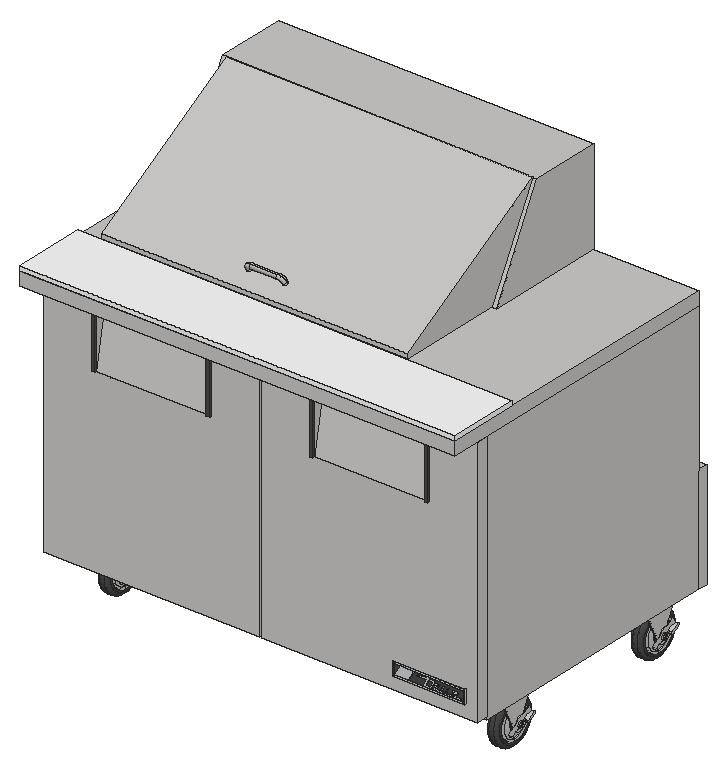
Revit family "QF_TRUE_TSSU-48-15M-B-HC_cat", category Specialty Equipment, Revit 2016
Family settings
  Part Type = Normal
  Round Connector Dimension = Use Diameter
  Work Plane-Based = No
  Always vertical = Yes
  Cut with Voids When Loaded = No
  Shared = No
  Room Calculation Point = No
Parameters
  Weight in Pounds = 310
  Watts = if(Phase = 3, Volts * FL Amps * 1.73, Volts * FL Amps)  # 667 W
  Volts = 115 V
  URL Cutsheet = ""
  Specification by User = ""
  Specification by Manufacturer = ""
  Show 6 Inches Seismic Flanged Legs [instance] = no
  Show Logo [instance] = yes
  Show Default Castors [instance] = if(Show 6 Inches Standard Legs, or(Show 6 Inches Seismic Flanged Legs, Show 2.5 Inches Castors), if(Show 2.5 Inches Castors, Show 6 Inches Seismic Flanged Legs, not(or(Show 6 Inches Seismic Flanged Legs, Show 2.5 Inches Castors, Show 6 Inches Standard Legs))))  # yes
  Show Clearance [instance] = yes
  Show 6 Inches Standard Legs [instance] = no
  Show 2.5 Inches Castors [instance] = no
  Serial Number = ""
  Seismic Rating = ""
  SMACNA No = ""
  Revision Code = ""
  Phase = 1
  Number of Poles = 1
  NAFEM Spec ID Number = ""
  Model = "TSSU-48-15M-B-HC"
  Min Ckt Ampacity = 0 A
  Max Overcurrent Protection = 0 A
  Masterspec = ""
  Manufacturer = "TRUE"
  Length = 48 5/16"
  Item Number = ""
  Installed By = ""
  Identify Quantity as Lot = yes
  Height [instance] = Base Height + Body Height  # 46 15/32"
  HP = "1/3"
  Furnished By = ""
  Foodservice Equipment Identifier = yes
  FL Amps = 5.8 A
  Electrical Remarks = ""
  Electric Connection Type = ""
  Elec Conn RI Height = 0"
  Elec Conn Connection Height = 0"
  Description = "MEGA-TOP SOLID DOOR SANDWICH/SALAD UNIT WITH HYDROCARBON REFRIGERANT"
  Depth = 34 1/16"
  Cycle = 60 Hz
  Conn Plug = "NEMA 5-15P"
  Conn Conduit = yes
  CSI MasterFormat = ""
  Body Height [instance] = 40 9/32"
  Base Height [instance] = if(Show Default Castors, 6 3/16", if(Show 6 Inches Standard Legs, 6", if(Show 6 Inches Seismic Flanged Legs, 6", if(Show 2.5 Inches Castors, 2 1/2", 6 3/16"))))  # 6 3/16"
  Apparent Power = if(Phase = 3, Volts * FL Amps * 1.73, Volts * FL Amps)  # 667 VA
  6 Inches Standard Legs [instance] = and(Show 6 Inches Standard Legs, not(Show Default Castors))  # no
  6 Inches Seismic Flanged Legs [instance] = and(Show 6 Inches Seismic Flanged Legs, not(Show Default Castors))  # no
  2.5 Inches Castors [instance] = and(Show 2.5 Inches Castors, not(Show Default Castors))  # no
Reference planes (in)
  plane 1 "BACK": y = 0
  plane 2: z = 0
  plane 3 "LEFT": x = 0
  plane 4 "RIGHT": x = 48.3125
  plane 5 "FRONT": y = -34.0625
  plane 6 "TOP": z = 46.46875
  plane 7 "Center Y": x = 24.15625
  plane 8 "Center X": y = -17.03125
  plane 9: y = -51.53125
  plane 10: z = 6.1875
Dimensions and locks (in)
  equal spacing: plane 3 "LEFT", plane 7 "Center Y", plane 4 "RIGHT"
  "Length": plane 3 "LEFT" to plane 4 "RIGHT"
  equal spacing: plane 5 "FRONT", plane 8 "Center X", plane 1 "BACK"
  "Depth": plane 5 "FRONT" to plane 1 "BACK"
  "Base Height": plane 10 to level
  plane 3 "LEFT" to plane 4 "RIGHT" = 48 5/16"
  plane 9 to plane 5 "FRONT" = 17 15/32"  (x2)
  plane 9 to plane 1 "BACK" = 51 17/32"
  "Body Height": plane 6 "TOP" to plane 10
  plane 6 "TOP" to level = 46 15/32"  (x2)
  aligned and locked: level to plane 2
  aligned and locked: nested 5 to plane 10
Nested families (in)
  nested 1: "CASTORS" at (2.5, -4.5, 0), Show 6" Casters <- "Show Default Castors", Show Seismic flanged legs <- "6 Inches Seismic Flanged Legs", Show Standard Legs <- "6 Inches Standard Legs", Show 2.5" Casters <- "2.5 Inches Castors", type "CASTORS"
    with Type Mark "", Status "", Specification by User "", Show Standard Legs no, Show Seismic flanged legs no, Show 6" Casters yes, Show 2.5" Casters no, Revision Code "", Key Locks yes, Item Number "", Installed By "", Identify Quantity as Lot yes, Furnished By "", Foodservice Equipment Identifier yes
  nested 2: "CASTORS" at (45.8125, -4.5, 0), Show 6" Casters <- "Show Default Castors", Show Seismic flanged legs <- "6 Inches Seismic Flanged Legs", Show Standard Legs <- "6 Inches Standard Legs", Show 2.5" Casters <- "2.5 Inches Castors", type "CASTORS"
    with Type Mark "", Status "", Specification by User "", Show Standard Legs no, Show Seismic flanged legs no, Show 6" Casters yes, Show 2.5" Casters no, Revision Code "", Key Locks yes, Item Number "", Installed By "", Identify Quantity as Lot yes, Furnished By "", Foodservice Equipment Identifier yes
  nested 3: "CASTORS" at (45.8125, -24.5, 0), Show 6" Casters <- "Show Default Castors", Show Seismic flanged legs <- "6 Inches Seismic Flanged Legs", Show Standard Legs <- "6 Inches Standard Legs", Show 2.5" Casters <- "2.5 Inches Castors", type "CASTORS"
    with Type Mark "", Status "", Specification by User "", Show Standard Legs no, Show Seismic flanged legs no, Show 6" Casters yes, Show 2.5" Casters no, Revision Code "", Key Locks yes, Item Number "", Installed By "", Identify Quantity as Lot yes, Furnished By "", Foodservice Equipment Identifier yes
  nested 4: "CASTORS" at (2.5, -24.5, 0), Show 6" Casters <- "Show Default Castors", Show Seismic flanged legs <- "6 Inches Seismic Flanged Legs", Show Standard Legs <- "6 Inches Standard Legs", Show 2.5" Casters <- "2.5 Inches Castors", type "CASTORS"
    with Type Mark "", Status "", Specification by User "", Show Standard Legs no, Show Seismic flanged legs no, Show 6" Casters yes, Show 2.5" Casters no, Revision Code "", Key Locks yes, Item Number "", Installed By "", Identify Quantity as Lot yes, Furnished By "", Foodservice Equipment Identifier yes
  nested 5: "TSSU-48-15M-B-HC" at (0, 0, 0), Show Logo <- "Show Logo", Show Clearance <- "Show Clearance", type "TSSU-48-15M-B-HC"
    with Show Logo yes, Show Clearance yes
Definition of nested family "CASTORS"
  Parameters (values of type "CASTORS")
    Weight = ""
    URL Manufacturer = ""
    URL Cutsheet = ""
    URL = ""
    Type Mark [instance] = ""
    Status [instance] = ""
    Specification by User [instance] = ""
    Specification by Manufacturer = ""
    Show Standard Legs [instance] = yes
    Show Seismic flanged legs [instance] = yes
    Show 6" Casters [instance] = yes
    Show 2.5" Casters [instance] = yes
    Serial Number = ""
    Seismic Rating = ""
    SMACNA No = ""
    Revision Code [instance] = ""
    Omniclass Number and Title = ""
    NAFEM Spec ID Number = ""
    Model = ""
    MasterSpec. = ""
    Manufacturer = ""
    Key Locks [instance] = yes
    Item Number [instance] = ""
    Installed By [instance] = ""
    Identify Quantity as Lot [instance] = yes
    Furnished By [instance] = ""
    Foodservice Equipment Identifier [instance] = yes
    Description = ""
    CSI MasterFormat = ""
    CSI Master Format = ""
    Assembly Code = ""
  Reference planes (in)
    plane 1: z = 0
    plane 2 "RIGHT": x = 0
    plane 3 "FRONT": y = 0
    plane 4 "TOP": z = 6
    plane 5: z = 6.1875
  Forms (in)
    Revolve 1, solid, visible <- "Show 6" Casters"
      sketch origin (0, 2.21793, 0) x (0, 1, 0) y (0, 0, 1)
        loop
          line (-2.21793, 6.1875) -> (-2.21793, 5.55584) -> (-0.93693, 5.55584) -> (-0.93693, 6.1875) -> (-2.21793, 6.1875)
        axis (-2.21793, 5.55584) -> (-2.21793, 6.1875)
      angle from 0 to 360
    Extrusion 2, solid, visible <- "Show 6" Casters"
      sketch origin (-1.81294, 2.21793, 0) x (0, 1, 0) y (0, 0, 1)
        loop
          line (-3.37793, 5.55584) -> (-3.37793, 5.25584) -> (-3.23369, 5.25584)
          arc (-3.23369, 5.25584) -> (-3.1238, 5.20977) -> (-3.03725, 5.12786) r 0.33195
          line (-3.03725, 5.12786) -> (-1.55521, 1.94961)
          arc (-1.55521, 1.94961) -> (-0.54268, 1.81523) -> (-0.22336, 2.78544) r 0.8
          arc (-0.22336, 2.78544) -> (-0.27816, 2.89808) -> (-0.34988, 3.00079) r 0.8
          arc (-0.34988, 3.00079) -> (-0.37005, 3.3613) -> (-0.26088, 3.70547) r 1
          line (-0.26088, 3.70547) -> (0.31507, 4.78867)
          arc (0.31507, 4.78867) -> (-0.09241, 4.97284) -> (-0.5252, 5.08531) r 2.63
          line (-0.5252, 5.08531) -> (-0.54193, 5.25584) -> (-1.05793, 5.25584) -> (-1.05793, 5.55584) -> (-3.37793, 5.55584)
      from 0.78968 to 0.90247
    Extrusion 3, solid, visible <- "Show 6" Casters"
      sketch origin (0.13094, 2.21793, 0) x (0, 1, 0) y (0, 0, 1)
        loop
          line (-3.37793, 5.55584) -> (-3.37793, 5.25584) -> (-3.23369, 5.25584)
          arc (-3.23369, 5.25584) -> (-3.1238, 5.20977) -> (-3.03725, 5.12786) r 0.33195
          line (-3.03725, 5.12786) -> (-1.55521, 1.94961)
          arc (-1.55521, 1.94961) -> (-0.54268, 1.81523) -> (-0.22336, 2.78544) r 0.8
          arc (-0.22336, 2.78544) -> (-0.27816, 2.89808) -> (-0.34988, 3.00079) r 0.8
          arc (-0.34988, 3.00079) -> (-0.37005, 3.3613) -> (-0.26088, 3.70547) r 1
          line (-0.26088, 3.70547) -> (0.31507, 4.78867)
          arc (0.31507, 4.78867) -> (-0.09241, 4.97284) -> (-0.5252, 5.08531) r 2.63
          line (-0.5252, 5.08531) -> (-0.54193, 5.25584) -> (-1.05793, 5.25584) -> (-1.05793, 5.55584) -> (-3.37793, 5.55584)
      from 0.78968 to 0.90247
    Extrusion 4, solid, visible <- "Show 6" Casters"
      sketch origin (-1.93794, 2.21793, 0) x (0, 1, 0) y (0, 0, 1)
        loop
          line (-3.37793, 5.55584) -> (-3.37793, 5.25584) -> (-3.23369, 5.25584) -> (-0.7432, 5.03796) -> (0.2811, 4.72479) -> (0.31507, 4.78867)
          arc (0.31507, 4.78867) -> (-0.09241, 4.97284) -> (-0.5252, 5.08531) r 2.63
          line (-0.5252, 5.08531) -> (-0.54193, 5.25584) -> (-1.05793, 5.25584) -> (-1.05793, 5.55584) -> (-3.37793, 5.55584)
      from 1.02747 to 2.85669
    Revolve 5, solid, visible <- "Show 6" Casters"
      sketch origin (-1.93794, 1.21343, 0) x (1, 0, 0) y (0, 0, 1)
        loop
          line (0.5843, 2.5041) -> (3.2907, 2.5041) -> (3.2907, 2.6421) -> (3.2407, 2.6921) -> (3.1807, 2.6921) -> (3.1807, 2.8278) -> (2.7025, 2.8278) -> (2.7025, 3.22009) -> (2.5625, 3.30092) -> (2.42847, 4.1291) -> (2.59375, 4.1291) -> (2.59375, 4.3791) -> (2.5625, 4.3791) -> (2.5625, 4.6291)
          arc (2.5625, 4.6291) -> (2.45267, 4.89426) -> (2.1875, 5.0041) r 0.375
          line (2.1875, 5.0041) -> (1.6875, 5.0041)
          arc (1.6875, 5.0041) -> (1.42233, 4.89426) -> (1.3125, 4.6291) r 0.375
          line (1.3125, 4.6291) -> (1.3125, 4.3791) -> (1.28125, 4.3791) -> (1.28125, 4.1291) -> (1.44653, 4.1291) -> (1.31307, 3.30443) -> (1.1725, 3.22327) -> (1.1725, 2.8278) -> (0.6943, 2.8278) -> (0.6943, 2.6921) -> (0.6343, 2.6921) -> (0.5843, 2.6421) -> (0.5843, 2.5041)
        axis (0.5843, 2.5041) -> (3.2907, 2.5041)
      angle from 0 to 360
    Extrusion 6, solid, visible <- "Show 6" Casters"
      sketch origin (1.125, 2.28164, 0.06473) x (0, 1, 0) y (0, 0, 1)
        loop
          line (-2.58496, 2.03961) -> (-2.48146, 1.86034)
          arc (-2.48146, 1.86034) -> (-2.2914, 1.71451) -> (-2.05389, 1.74578) r 0.313
          line (-2.05389, 1.74578) -> (-1.65224, 1.97767)
          arc (-1.65224, 1.97767) -> (-1.57675, 2.00894) -> (-1.49574, 2.01961) r 0.313
          line (-1.49574, 2.01961) -> (-0.75504, 2.01961)
          arc (-0.75504, 2.01961) -> (-0.50047, 2.10967) -> (-0.33862, 2.32583) r 0.46592
          arc (-0.33862, 2.32583) -> (-0.3435, 2.357) -> (-0.36609, 2.37904) r 0.05
          arc (-0.36609, 2.37904) -> (-0.62217, 2.51108) -> (-0.52795, 2.78336) r 0.22
          line (-0.52795, 2.78336) -> (0.14284, 3.17074)
          arc (0.14284, 3.17074) -> (0.24081, 3.14321) -> (0.21087, 3.04595) r 0.07109
          line (0.21087, 3.04595) -> (0.3415, 2.91533)
          arc (0.3415, 2.91533) -> (0.46473, 3.10362) -> (0.42979, 3.32592) r 0.313
          line (0.42979, 3.32592) -> (0.23309, 3.66661) -> (-0.54633, 3.21661)
          arc (-0.54633, 3.21661) -> (-0.67098, 3.20163) -> (-0.79652, 3.20306) r 0.9589
          arc (-0.79652, 3.20306) -> (-1.13602, 3.13035) -> (-1.38688, 2.89031) r 0.63657
          arc (-1.38688, 2.89031) -> (-1.45411, 2.76529) -> (-1.53273, 2.64711) r 1.51617
          line (-1.53273, 2.64711) -> (-1.89213, 2.43961) -> (-2.58496, 2.03961)
      from 0 to 0.0625
    Extrusion 7, solid, visible <- "Show 6" Casters"
      sketch origin (1.125, 2.28164, 0.06473) x (0, 1, 0) y (0, 0, 1)
        loop
          arc (-0.45692, 2.6604) -> (-0.48136, 2.54745) -> (-0.36656, 2.53415) r 0.078
          line (-0.36656, 2.53415) -> (0.3415, 2.91533)
          arc (0.3415, 2.91533) -> (0.44304, 3.03852) -> (0.47061, 3.19578) r 0.313
          line (0.47061, 3.19578) -> (-0.45692, 2.6604)
      from 0 to 0.5
    Extrusion 8, solid, visible <- "Show 6" Casters"
      sketch origin (-1.125, 2.28164, 0.06473) x (0, 1, 0) y (0, 0, -1)
        loop
          line (-2.58496, -2.03961) -> (-1.89213, -2.43961) -> (-1.53273, -2.64711)
          arc (-1.53273, -2.64711) -> (-1.45411, -2.76529) -> (-1.38688, -2.89031) r 1.51617
          arc (-1.38688, -2.89031) -> (-1.13602, -3.13035) -> (-0.79652, -3.20306) r 0.63657
          arc (-0.79652, -3.20306) -> (-0.67098, -3.20163) -> (-0.54633, -3.21661) r 0.9589
          line (-0.54633, -3.21661) -> (0.23309, -3.66661) -> (0.42979, -3.32592)
          arc (0.42979, -3.32592) -> (0.46473, -3.10362) -> (0.3415, -2.91533) r 0.313
          line (0.3415, -2.91533) -> (0.21087, -3.04595)
          arc (0.21087, -3.04595) -> (0.24081, -3.14321) -> (0.14284, -3.17074) r 0.07109
          line (0.14284, -3.17074) -> (-0.52795, -2.78336)
          arc (-0.52795, -2.78336) -> (-0.62217, -2.51108) -> (-0.36609, -2.37904) r 0.22
          arc (-0.36609, -2.37904) -> (-0.3435, -2.357) -> (-0.33862, -2.32583) r 0.05
          arc (-0.33862, -2.32583) -> (-0.50047, -2.10967) -> (-0.75504, -2.01961) r 0.46592
          line (-0.75504, -2.01961) -> (-1.49574, -2.01961)
          arc (-1.49574, -2.01961) -> (-1.57675, -2.00894) -> (-1.65224, -1.97767) r 0.313
          line (-1.65224, -1.97767) -> (-2.05389, -1.74578)
          arc (-2.05389, -1.74578) -> (-2.2914, -1.71451) -> (-2.48146, -1.86034) r 0.313
          line (-2.48146, -1.86034) -> (-2.58496, -2.03961)
      from 0 to 0.0625
    Extrusion 9, solid, visible <- "Show 6" Casters"
      sketch origin (-1.125, 2.28164, 0.06473) x (0, 1, 0) y (0, 0, -1)
        loop
          line (-0.45692, -2.6604) -> (0.47061, -3.19578)
          arc (0.47061, -3.19578) -> (0.44304, -3.03852) -> (0.3415, -2.91533) r 0.313
          line (0.3415, -2.91533) -> (-0.36656, -2.53415)
          arc (-0.36656, -2.53415) -> (-0.48136, -2.54745) -> (-0.45692, -2.6604) r 0.078
      from 0 to 0.5
    Revolve 10, solid, visible <- "Show Standard Legs"
      sketch origin (11.12172, 0, 0) x (-1, 0, 0) y (0, 0, -1)
        loop
          line (11.12172, -6.125) -> (11.12172, 0) -> (10.62172, 0) -> (10.62172, -1.30261) -> (10.37172, -1.30261) -> (10.37172, -6.125) -> (11.12172, -6.125)
        axis (11.12172, 0) -> (11.12172, -6.125)
      angle from 0 to 360
    Extrusion 11, solid, visible <- "Show Seismic flanged legs"
      sketch origin (0, 0, 0) x (1, 0, 0) y (0, 1, 0)
        loop
          circle (-0.00825, 0) r 1
      from 0 to 0.125
    Revolve 12, solid, visible <- "Show Seismic flanged legs"
      sketch origin (11.12172, 0, 0) x (-1, 0, 0) y (0, 0, -1)
        loop
          line (11.12172, -6.125) -> (11.12172, -0.125) -> (10.62172, -0.125) -> (10.62172, -1.30261) -> (10.37172, -1.30261) -> (10.37172, -6.125) -> (11.12172, -6.125)
        axis (11.12172, -0.125) -> (11.12172, -6.125)
      angle from 0 to 360
    Revolve 13, solid, visible <- "Show Standard Legs"
      sketch origin (-2.21793, 0, 0.25) x (-1, 0, 0) y (0, 0, 1)
        loop
          line (-2.21793, 5.875) -> (-2.21793, 5.55584) -> (-0.93693, 5.55584) -> (-0.93693, 5.875) -> (-2.21793, 5.875)
        axis (-2.21793, 5.55584) -> (-2.21793, 5.875)
      angle from 0 to 360
  Cuts and joins
    joined: Extrusion 2, Extrusion 3, Extrusion 4
  Lines and regions (in)
    symbolic lines, visible <- "Show 6" Casters"
      curve 1: line (0.70901, 2.6399, 0) -> (1.79507, 2.01286, 0)
      curve 2: line (-1.79099, -1.69023, 0) -> (-0.91599, -0.17468, 0)
      curve 3: line (-0.70493, -2.31727, 0) -> (-1.79099, -1.69023, 0)
      curve 4: line (1.79507, 2.01286, 0) -> (0.92007, 0.49732, 0)
      curve 5: line (-0.16599, 1.12436, 0) -> (0.70901, 2.6399, 0)
      curve 6: line (0.17007, -0.80172, 0) -> (-0.70493, -2.31727, 0)
  Dimensions and locks (in)
    plane 4 "TOP" to level = 6"  (x2)
    Revolve 5 sketch curve to Revolve 5 sketch curve = 2 1/2"
    plane 5 to level = 6 3/16"
    locked: Revolve 10 sketch curve to Revolve 10 sketch curve at 1.30261
    locked: Revolve 10 sketch curve to Revolve 10 sketch curve at 0.75
    locked: Revolve 12 sketch curve to Revolve 12 sketch curve at 0.75
    aligned and locked: level to plane 1
  Nested families (in)
    nested 1: "2.5 INCHES_CASTER" at (0, 0, 0), visible <- "Show 2.5" Casters", type "2.5 INCHES_CASTER"
      with Type Mark "", Specification by User "", Revision Code "", Item Number "", Installed By "", Identify Quantity as Lot yes, Furnished By "", Foodservice Equipment Identifier yes, 2.5 Inches Caster yes
  Definition of nested family "2.5 INCHES_CASTER"
    Parameters (values of type "2.5 INCHES_CASTER")
      Weight = ""
      URL Manufacturer = ""
      URL Cutsheet = ""
      URL = ""
      Type Mark [instance] = ""
      Specification by User [instance] = ""
      Specification by Manufacturer = ""
      Serial Number = ""
      Seismic Rating = ""
      SMACNA No = ""
      Revision Code [instance] = ""
      Omniclass Number and Title = ""
      NAFEM Spec ID Number = ""
      Model = ""
      MasterSpec. = ""
      Manufacturer = ""
      Item Number [instance] = ""
      Installed By [instance] = ""
      Identify Quantity as Lot [instance] = yes
      Furnished By [instance] = ""
      Foodservice Equipment Identifier [instance] = yes
      Description = ""
      CSI MasterFormat = ""
      CSI Master Format = ""
      Assembly Code = ""
      2.5 Inches Caster [instance] = yes
    Reference planes (in)
      plane 1: z = 0
      plane 2 "RIGHT": x = 0
      plane 3 "FRONT": y = 0
      plane 4 "TOP": z = 2.5
    Forms (in)
      Revolve 1, solid
        sketch origin (-1.93794, 0.46818, -1.0041) x (1, 0, 0) y (0, 0, 1)
          loop
            line (0.74055, 1.92597) -> (0.74055, 1.85047) -> (0.79055, 1.80047) -> (0.85055, 1.80047) -> (0.85055, 1.6804) -> (1.235, 1.6804) -> (1.235, 1.61305) -> (1.38673, 1.52545) -> (1.4003, 1.4416) -> (1.34375, 1.4416) -> (1.34375, 1.3166) -> (1.375, 1.3166) -> (1.375, 1.0041) -> (2.48438, 1.0041) -> (2.48438, 1.3166) -> (2.51563, 1.3166) -> (2.51563, 1.4416) -> (2.45908, 1.4416) -> (2.47322, 1.52897) -> (2.62438, 1.61624) -> (2.62438, 1.6804) -> (3.04007, 1.6804) -> (3.04007, 1.80047) -> (3.10007, 1.80047) -> (3.15007, 1.85047) -> (3.15007, 1.92597) -> (0.74055, 1.92597)
          axis (0.74055, 1.92597) -> (3.15007, 1.92597)
        angle from 0 to 360
      Extrusion 2, solid
        sketch origin (-1.93794, 1.43296, -3.2541) x (0, 1, 0) y (0, 0, 1)
          loop
            line (-0.64294, 5.43229) -> (-0.64294, 5.55298) -> (-2.21294, 5.55298) -> (-2.21294, 5.30272) -> (-1.81966, 5.30272)
            arc (-1.81966, 5.30272) -> (-1.13638, 5.20789) -> (-0.46376, 5.05475) r 8.02767
            arc (-0.46376, 5.05475) -> (-0.19511, 4.95469) -> (0.05138, 4.80832) r 1.60049
            line (0.05138, 4.80832) -> (0.12713, 4.91318)
            arc (0.12713, 4.91318) -> (-0.07255, 5.06376) -> (-0.29048, 5.18644) r 1.8753
            line (-0.29048, 5.18644) -> (-0.22239, 5.30423)
            arc (-0.22239, 5.30423) -> (-0.42776, 5.38437) -> (-0.64294, 5.43229) r 1.44292
        from 1.17357 to 2.70231
      Revolve 3, solid
        sketch origin (0, 1.73858, -3.75) x (0, 1, 0) y (0, 0, 1)
          loop
            line (-1.73858, 6.25) -> (-1.73858, 6.04889) -> (-1.05793, 6.04889) -> (-1.05793, 6.25) -> (-1.73858, 6.25)
          axis (-1.73858, 6.04889) -> (-1.73858, 6.25)
        angle from 0 to 360
      Extrusion 4, solid
        sketch origin (-1.98481, 1.43296, -1.7541) x (0, 1, 0) y (0, 0, 1)
          loop
            line (-2.21294, 4.05298) -> (-2.21294, 3.80272) -> (-2.13999, 3.80272)
            arc (-2.13999, 3.80272) -> (-1.62379, 3.51899) -> (-1.39241, 2.97729) r 0.90292
            arc (-1.39241, 2.97729) -> (-1.36136, 2.78161) -> (-1.29729, 2.59413) r 1.15385
            arc (-1.29729, 2.59413) -> (-0.94802, 2.37355) -> (-0.6121, 2.61396) r 0.37001
            arc (-0.6121, 2.61396) -> (-0.59625, 2.66241) -> (-0.58446, 2.712) r 0.61695
            arc (-0.58446, 2.712) -> (-0.36134, 3.11665) -> (0.05609, 3.31484) r 0.75313
            line (0.05609, 3.31484) -> (0.12713, 3.41318)
            arc (0.12713, 3.41318) -> (-0.07255, 3.56376) -> (-0.29048, 3.68644) r 1.8753
            line (-0.29048, 3.68644) -> (-0.22239, 3.80423)
            arc (-0.22239, 3.80423) -> (-0.42776, 3.88437) -> (-0.64294, 3.93229) r 1.44292
            line (-0.64294, 3.93229) -> (-0.64294, 4.05298) -> (-2.21294, 4.05298)
        from 2.74918 to 2.90825
      Extrusion 5, solid
        sketch origin (1.98481, 1.43296, -1.7541) x (0, 1, 0) y (0, 0, -1)
          loop
            line (-2.21294, -4.05298) -> (-0.64294, -4.05298) -> (-0.64294, -3.93229)
            arc (-0.64294, -3.93229) -> (-0.42776, -3.88437) -> (-0.22239, -3.80423) r 1.44292
            line (-0.22239, -3.80423) -> (-0.29048, -3.68644)
            arc (-0.29048, -3.68644) -> (-0.07255, -3.56376) -> (0.12713, -3.41318) r 1.8753
            line (0.12713, -3.41318) -> (0.05609, -3.31484)
            arc (0.05609, -3.31484) -> (-0.36134, -3.11665) -> (-0.58446, -2.712) r 0.75313
            arc (-0.58446, -2.712) -> (-0.59625, -2.66241) -> (-0.6121, -2.61396) r 0.61695
            arc (-0.6121, -2.61396) -> (-0.94802, -2.37355) -> (-1.29729, -2.59413) r 0.37001
            arc (-1.29729, -2.59413) -> (-1.36136, -2.78161) -> (-1.39241, -2.97729) r 1.15385
            arc (-1.39241, -2.97729) -> (-1.62379, -3.51899) -> (-2.13999, -3.80272) r 0.90292
            line (-2.13999, -3.80272) -> (-2.21294, -3.80272) -> (-2.21294, -4.05298)
        from 2.74918 to 2.90825
    Lines and regions (in)
      symbolic lines, visible <- "2.5 Inches Caster"
        curve 1: line (0.19673, 1.08498, 0) -> (0.89966, 0.67914, 0)
        curve 2: line (-0.80327, -0.64707, 0) -> (0.19673, 1.08498, 0)
        curve 3: line (-0.10034, -1.05291, 0) -> (-0.80327, -0.64707, 0)
        curve 4: line (0.89966, 0.67914, 0) -> (-0.10034, -1.05291, 0)
    Dimensions and locks (in)
      plane 4 "TOP" to level = 2 1/2"  (x2)
      aligned and locked: level to plane 1
Definition of nested family "TSSU-48-15M-B-HC"
  Parameters (values of type "TSSU-48-15M-B-HC")
    Weight in Pounds = 310
    Watts = if(Phase = 3, Volts * FL Amps * 1.73, Volts * FL Amps)  # 667 W
    Volts = 115 V
    URL Cutsheet = ""
    Specification by User = ""
    Specification by Manufacturer = ""
    Show Logo [instance] = yes
    Show Clearance [instance] = yes
    Serial Number = ""
    Seismic Rating = ""
    SMACNA No = ""
    Revision Code = ""
    Phase = 1
    Number of Poles = 1
    NAFEM Spec ID Number = ""
    Model = "TSSU-48-15M-B-HC"
    Min Ckt Ampacity = 0 A
    Max Overcurrent Protection = 0 A
    Masterspec = ""
    Manufacturer = "TRUE"
    Length = 48 5/16"
    Item Number = ""
    Installed By = ""
    Identify Quantity as Lot = yes
    Height = 46 15/32"
    HP = "1/3"
    Furnished By = ""
    Foodservice Equipment Identifier = yes
    FL Amps = 5.8 A
    Electrical Remarks = ""
    Electric Connection Type = ""
    Elec Conn RI Height = 0"
    Elec Conn Connection Height = 0"
    Description = "MEGA-TOP SOLID DOOR SANDWICH/SALAD UNIT WITH HYDROCARBON REFRIGERANT"
    Depth = 34 1/16"
    Cycle = 60 Hz
    Conn Plug = "NEMA 5-15P"
    Conn Conduit = yes
    CSI MasterFormat = ""
    Apparent Power = if(Phase = 3, Volts * FL Amps * 1.73, Volts * FL Amps)  # 667 VA
  Reference planes (in)
    plane 1 "BACK": y = 0
    plane 2: z = 0
    plane 3 "LEFT": x = 0
    plane 4 "RIGHT": x = 48.3125
    plane 5 "FRONT": y = -34.0625
    plane 6 "TOP": z = 46.46875
    plane 7 "Center Y": x = 24.15625
    plane 8 "Center X": y = -17.03125
    plane 9: y = -51.53125
    plane 10: y = 1
    plane 11: z = 6.1875
    plane 12: z = 3.875
  Forms (in)
    Extrusion 1, solid, visible <- "Show Clearance", detail levels coarse
      sketch origin (0, 0.75, 0) x (0, 1, 0) y (0, 0, 1)
        loop
          line (-8.625, 46.46875) -> (-12.07836, 51.21875)
          arc (-12.07836, 51.21875) -> (-21.46619, 46.09656) -> (-26.00818, 36.41469) r 17.18846
          line (-26.00818, 36.41469) -> (-8.625, 46.46875)
      from 2.0625 to 36.0625
    Extrusion 2, solid
      sketch origin (0, 1, -3.03125) x (0, 1, 0) y (0, 0, 1)
        loop
          line (-35.0625, 38.96875) -> (-35.0625, 37.46875) -> (-1, 37.46875) -> (-1, 38.96875) -> (-35.0625, 38.96875)
      from 0 to 48.3125
    Extrusion 3, solid
      sketch origin (0, 1, -3.03125) x (0, 1, 0) y (0, 0, 1)
        loop
          line (-35.0625, 38.96875) -> (-27.05817, 38.96875) -> (-27.05817, 39.46875) -> (-35.0625, 39.46875) -> (-35.0625, 38.96875)
      from 0 to 48.3125
    Extrusion 4, solid
      sketch origin (0.03125, 1, 0) x (0, 1, 0) y (0, 0, 1)
        loop
          line (-1, 46.46875) -> (-8.875, 46.46875) -> (-14.53299, 35.9375) -> (-1, 35.9375) -> (-1, 46.46875)
      from 1.53125 to 36.53125
    Extrusion 5, solid
      sketch origin (0, -3.90625, -3.03125) x (0, 1, 0) y (0, 0, 1)
        loop
          line (-3.96875, 49.5) -> (-21.3125, 39.46875) -> (-21.3125, 38.96875) -> (-9.62674, 38.96875) -> (-3.96875, 49.5)
      from 2.0625 to 36.0625
    Extrusion 6, solid
      sketch origin (0, 1, 0) x (0, 1, 0) y (0, 0, 1)
        loop
          line (-1, 34.4375) -> (-30.5625, 34.4375) -> (-30.5625, 6.1875) -> (-1, 6.1875) -> (-1, 34.4375)
      from 0 to 48.3125
    Extrusion 7, solid
      sketch origin (64.0625, -29.5625, 31.6875) x (0, 0, -1) y (-1, 0, 0)
        loop
          line (-2.625, 64.0625) -> (-2.625, 40.03125) -> (25.25, 40.03125) -> (25.25, 64.0625) -> (-2.625, 64.0625)
        loop
          line (25.25, 15.75) -> (25.25, 39.78125) -> (-2.625, 39.78125) -> (-2.625, 15.75) -> (25.25, 15.75)
        loop
          line (5.21362, 45.85937) -> (5.21362, 58.23437) -> (-1.28638, 58.23437) -> (-1.28638, 45.85937) -> (5.21362, 45.85937)
        loop
          line (5.21362, 33.95313) -> (-1.28638, 33.95313) -> (-1.28638, 21.57812) -> (5.21362, 21.57812) -> (5.21362, 33.95313)
      from 0 to -1.25
    Revolve 8, solid
      sketch origin (6, 1, -4.5) x (0, 1, 0) y (0, 0, 1)
        loop
          line (-0.60959, 34.53394) -> (-1, 34.53394) -> (-1, 33.92435) -> (0, 33.92435)
          arc (0, 33.92435) -> (-0.17855, 34.35539) -> (-0.60959, 34.53394) r 0.60959
        axis (0, 33.92435) -> (-1, 33.92435)
      angle from 0 to 360
    Revolve 9, solid
      sketch origin (42.3125, 1, -4.5) x (0, 1, 0) y (0, 0, -1)
        loop
          arc (-0.60959, -34.53394) -> (-0.17855, -34.35539) -> (0, -33.92435) r 0.60959
          line (0, -33.92435) -> (-1, -33.92435) -> (-1, -34.53394) -> (-0.60959, -34.53394)
        axis (0, -33.92435) -> (-1, -33.92435)
      angle from 0 to 360
    Extrusion 10, solid
      sketch origin (-6.875, 1, 2.25) x (0, 1, 0) y (0, 0, 1)
        loop
          line (-1.5, 3.9375) -> (-26.50117, 3.9375) -> (-26.50117, 1.625) -> (-1.5, 1.625) -> (-1.5, 3.9375)
      from 22.9375 to 35.5625
    Extrusion 11, solid
      sketch origin (5.82813, -29.5625, 26.47388) x (0, 0, 1) y (0, -1, 0)
        loop
          line (0, 1.25) -> (0, 0) -> (6.5, 0) -> (0, 1.25)
      from 12.375 to 0
    Sweep 12, solid
      path origin (-1.21875, -5.83205, 6.71261) x (1, 0, 0) y (0, -0.498053, 0.867146)
        loop
          line (22.25, 35.4375) -> (22.25, 35.6875)
          arc (22.25, 35.6875) -> (22.10355, 36.04105) -> (21.75, 36.1875) r 0.5
          line (21.75, 36.1875) -> (18.75, 36.1875)
          arc (18.75, 36.1875) -> (18.39645, 36.04105) -> (18.25, 35.6875) r 0.5
          line (18.25, 35.6875) -> (18.25, 35.4375)
      profile origin (19.03125, -23.85535, 38.09247) x (0, 0.498053, -0.867146) y (0, -0.867146, -0.498053)
        loop
          circle (0, 0) r 0.25
    Extrusion 13, solid
      sketch origin (-47.25, 1, 6.1875) x (0, 0, 1) y (1, 0, 0)
        loop
          circle (4.2385, 92.61272) r 0.5
      from 0 to -0.125
    Extrusion 14, solid
      sketch origin (64.0625, -30.8125, 31.6875) x (0, 0, 1) y (-1, 0, 0)
        loop
          line (-5.21362, 58.60937) -> (-5.21362, 58.23437) -> (0.78638, 58.23437) -> (0.78638, 45.85937) -> (-5.21362, 45.85937) -> (-5.21362, 45.48437) -> (1.28638, 45.48437) -> (1.28638, 58.60937) -> (-5.21362, 58.60937)
        loop
          line (-5.21362, 21.20312) -> (1.28638, 21.20312) -> (1.28638, 34.32813) -> (-5.21362, 34.32813) -> (-5.21362, 33.95313) -> (0.78638, 33.95313) -> (0.78638, 21.57812) -> (-5.21362, 21.57812) -> (-5.21362, 21.20312)
      from 0 to 0.125
    Extrusion 15, solid
      sketch origin (30.10937, -29.5625, 29.97388) x (0, 0, -1) y (0, 1, 0)
        loop
          line (3.5, -1.25) -> (3.5, 0) -> (-3, 0) -> (3.5, -1.25)
      from 12.375 to 0
    Extrusion 16, solid
      sketch origin (0, 0, 0) x (0, 1, 0) y (0, 0, 1)
        loop
          line (0, 6.1875) -> (1, 6.1875) -> (1, 18.1875) -> (0, 18.1875) -> (0, 6.1875)
      from 0 to 48.3125
    Extrusion 17, solid, visible <- "Show Clearance", detail levels coarse
      sketch origin (48.3125, -29.5625, 6.4375) x (0, 1, 0) y (1, 0, 0)
        loop
          line (-1.25, -48.3125) -> (-1.25, -24.28125)
          arc (-1.25, -24.28125) -> (-16.05333, -32.46548) -> (-21.96875, -48.3125) r 24.3815
          line (-21.96875, -48.3125) -> (-1.25, -48.3125)
        loop
          line (-1.25, 0) -> (-21.96875, 0)
          arc (-21.96875, 0) -> (-16.05333, -15.84702) -> (-1.25, -24.03125) r 24.3815
          line (-1.25, -24.03125) -> (-1.25, 0)
      from -27.875 to 0
  Lines and regions (in)
    symbolic lines
      curve 1: line (2.75415, -22.31056, 0) -> (35.7771, -22.31056, 0)
      curve 2: line (2.75415, -3.56056, 0) -> (2.75415, -22.31056, 0)
      curve 3: line (35.7771, -3.56056, 0) -> (2.75415, -3.56056, 0)
      curve 4: line (0, -34.0625, 0) -> (48.3125, -34.0625, 0)
      curve 5: line (0, 0, 0) -> (0, -34.0625, 0)
      curve 6: line (48.3125, 0, 0) -> (0, 0, 0)
      curve 7: line (48.3125, -34.0625, 0) -> (48.3125, 0, 0)
      curve 8: line (1.5625, 0, 0) -> (1.5625, -13.53299, 0)
      curve 9: line (1.5625, -7.875, 0) -> (36.5625, -7.875, 0)
      curve 10: line (36.5625, -13.53299, 0) -> (36.5625, 0, 0)
      curve 11: line (36.5625, -13.53299, 0) -> (36.0625, -13.53299, 0)
      curve 12: line (36.0625, -7.875, 0) -> (36.0625, -25.21875, 0)
      curve 13: line (36.0625, -25.21875, 0) -> (2.0625, -25.21875, 0)
      curve 14: line (2.0625, -25.21875, 0) -> (2.0625, -7.875, 0)
      curve 15: line (1.5625, -13.53299, 0) -> (2.0625, -13.53299, 0)
      curve 16: line (2.0625, -8.375, 0) -> (36.0625, -8.375, 0)
      curve 17: arc (5.39041, 0.39041, 0) -> (6, 1, 0) -> (6.60959, 0.39041, 0) r 0.60959
      curve 18: line (5.39041, 0.39041, 0) -> (5.39041, 0, 0)
      curve 19: line (6.60959, 0, 0) -> (6.60959, 0.39041, 0)
      curve 20: arc (42.92209, 0.39041, 0) -> (42.3125, 1, 0) -> (41.70291, 0.39041, 0) r 0.60959
      curve 21: line (42.92209, 0.39041, 0) -> (42.92209, 0, 0)
      curve 22: line (41.70291, 0, 0) -> (41.70291, 0.39041, 0)
      curve 23: line (0, -26.05817, 0) -> (48.3125, -26.05817, 0)
      curve 24: line (35.7771, -3.56056, 0) -> (35.7771, -22.31056, 0)
      curve 25: line (15.96333, -3.56056, 0) -> (15.96333, -22.31056, 0)
      curve 26: line (35.7771, -9.81056, 0) -> (2.75415, -9.81056, 0)
      curve 27: line (35.7771, -16.06056, 0) -> (2.75415, -16.06056, 0)
      curve 28: line (9.35874, -3.56056, 0) -> (9.35874, -22.31056, 0)
      curve 29: line (22.56792, -3.56056, 0) -> (22.56792, -22.31056, 0)
      curve 30: line (29.17251, -3.56056, 0) -> (29.17251, -22.31056, 0)
    symbolic lines, visible <- "Show Clearance"
      curve 31: line (0, -34.0625, 0) -> (17.42822, -44.12469, 0)
      curve 32: arc (23.30746, -34.0625, 0) -> (20.97787, -39.45003, 0) -> (17.42822, -44.12469, 0) r 24.3815
      curve 33: arc (30.88428, -44.12469, 0) -> (27.33463, -39.45003, 0) -> (25.00504, -34.0625, 0) r 24.3815
      curve 34: line (48.3125, -34.0625, 0) -> (30.88428, -44.12469, 0)
  Dimensions and locks (in)
    equal spacing: plane 3 "LEFT", plane 7 "Center Y", plane 4 "RIGHT"
    "Length": plane 3 "LEFT" to plane 4 "RIGHT"
    equal spacing: plane 5 "FRONT", plane 8 "Center X", plane 1 "BACK"
    "Depth": plane 5 "FRONT" to plane 1 "BACK"
    "Height": plane 6 "TOP" to level
    plane 3 "LEFT" to plane 4 "RIGHT" = 48 5/16"
    plane 3 "LEFT" to Extrusion 4 to Extrusion 4 to plane 4 "RIGHT" = 1 9/16", 35", 11 3/4"
    Extrusion 10 to Extrusion 10 to plane 4 "RIGHT" = 12 5/8", 19 5/8"
    Extrusion 5 to plane 1 "BACK" = 25 7/32"
    Extrusion 5 to plane 1 "BACK" = 7 7/8"
    plane 9 to plane 5 "FRONT" = 17 15/32"  (x2)
    plane 10 to plane 9 = 52 17/32"
    plane 5 "FRONT" to plane 1 "BACK" = 34 1/16"
    plane 1 "BACK" to plane 10 = 1"
    plane 12 to plane 2 = 3 7/8"
    plane 11 to plane 12 = 2 5/16"
    plane 9 to plane 10 = 52 17/32"
    plane 6 "TOP" to plane 11 = 40 9/32"
    Extrusion 3 to plane 11 = 29 3/4"
    plane 6 "TOP" to Extrusion 3 = 10 17/32"
    plane 11 to plane 2 = 6 3/16"
    Extrusion 1 to Extrusion 2 = 15 9/32"
    Extrusion 3 to plane 2 = 35 15/16"
    Extrusion 1 to plane 2 = 51 7/32"
    aligned and locked: level to plane 2
  Automatic sketch dimensions
    Extrusion 1 sketch curve to plane 6 "TOP" = 0"
    Extrusion 1 sketch curve to plane 8 "Center X" = 8.22693"
    plane 8 "Center X" to Extrusion 1 sketch curve = 5.70289"
    plane 1 "BACK" to Extrusion 1 sketch curve = 8.19811"
    Extrusion 1 sketch curve to Extrusion 1 sketch curve = 3.45336"
    Extrusion 1 sketch curve to plane 6 "TOP" = 10.05406"
    Extrusion 1 sketch curve to plane 6 "TOP" = 12.15103"
    Extrusion 2 sketch curve to plane 5 "FRONT" = 0"
    Extrusion 2 sketch curve to plane 1 "BACK" = 0"
    Extrusion 2 sketch curve to plane 6 "TOP" = 12 1/32"
    Extrusion 2 sketch curve to Extrusion 2 sketch curve = 1 1/2"
    Extrusion 3 sketch curve to plane 5 "FRONT" = 0"
    Extrusion 3 sketch curve to Extrusion 3 sketch curve = 8.00433"
    Extrusion 3 sketch curve to plane 6 "TOP" = 10 17/32"
    Extrusion 3 sketch curve to Extrusion 3 sketch curve = 1/2"
    Extrusion 4 sketch curve to plane 6 "TOP" = 0"
    Extrusion 4 sketch curve to plane 1 "BACK" = 0"
    plane 1 "BACK" to Extrusion 4 sketch curve = 7 7/8"
    plane 8 "Center X" to Extrusion 4 sketch curve = 3.49826"
    Extrusion 4 sketch curve to plane 6 "TOP" = 10 17/32"
    Extrusion 5 sketch curve to plane 6 "TOP" = 0"
    Extrusion 5 sketch curve to plane 8 "Center X" = 8 3/16"
    plane 8 "Center X" to Extrusion 5 sketch curve = 3.49826"
    plane 1 "BACK" to Extrusion 5 sketch curve = 7 7/8"
    Extrusion 5 sketch curve to plane 6 "TOP" = 10 1/32"
    Extrusion 5 sketch curve to plane 6 "TOP" = 10 17/32"
    plane 11 to Extrusion 6 sketch curve = 0"
    Extrusion 6 sketch curve to plane 1 "BACK" = 0"
    Extrusion 6 sketch curve to plane 5 "FRONT" = 4 1/2"
    Extrusion 6 sketch curve to plane 6 "TOP" = 12 1/32"
    Extrusion 7 sketch curve to plane 3 "LEFT" = 0"
    plane 4 "RIGHT" to Extrusion 7 sketch curve = 0"
    Extrusion 7 sketch curve to plane 6 "TOP" = 12 5/32"
    Extrusion 7 sketch curve to Extrusion 7 sketch curve = 0"  (x2)
    Extrusion 7 sketch curve to Extrusion 7 sketch curve = 1.33862"  (x2)
    Extrusion 7 sketch curve to Extrusion 7 sketch curve = 6 1/2"  (x2)
    Extrusion 7 sketch curve to plane 7 "Center Y" = 1/8"
    Extrusion 7 sketch curve to plane 11 = 1/4"
    plane 4 "RIGHT" to Extrusion 7 sketch curve = 5 53/64"
    plane 7 "Center Y" to Extrusion 7 sketch curve = 5 61/64"
    plane 7 "Center Y" to Extrusion 7 sketch curve = 1/8"
    Extrusion 7 sketch curve to plane 7 "Center Y" = 5 61/64"
    plane 3 "LEFT" to Extrusion 7 sketch curve = 5 53/64"
    Revolve 8 sketch curve to plane 1 "BACK" = 0"
    Revolve 8 sketch curve to plane 10 = 0"  (x2)
    Revolve 8 sketch curve to Revolve 8 sketch curve = 0.39041"
    Revolve 8 sketch curve to plane 6 "TOP" = 17.0444"
    plane 1 "BACK" to Revolve 8 sketch curve = 3 3/4"
    Revolve 8 sketch curve to Revolve 8 sketch curve = 0"
    Revolve 9 sketch curve to plane 1 "BACK" = 0"
    Revolve 9 sketch curve to plane 10 = 0"  (x2)
    Revolve 9 sketch curve to Revolve 9 sketch curve = 0.39041"
    Revolve 9 sketch curve to plane 6 "TOP" = 16.43481"
    plane 1 "BACK" to Revolve 9 sketch curve = 3 3/4"
    Revolve 9 sketch curve to Revolve 9 sketch curve = 0"
    plane 11 to Extrusion 10 sketch curve = 0"
    Extrusion 10 sketch curve to plane 12 = 0"
    Extrusion 10 sketch curve to plane 8 "Center X" = 8.46992"
    plane 1 "BACK" to Extrusion 10 sketch curve = 1/2"
    Extrusion 11 sketch curve to Extrusion 7 = 0"  (x3)
    Extrusion 7 to Extrusion 11 sketch curve = 0"
    Sweep 12 sketch curve to plane 7 "Center Y" = 7 1/8"
    Sweep 12 sketch curve to Sweep 12 sketch curve = 1/2"  (x2)
    Sweep 12 sketch curve to Sweep 12 sketch curve = 3"
    Sweep 12 sketch curve to Sweep 12 sketch curve = 1/4"  (x2)
    Sweep 12 sketch curve to profile plane = 0"
    profile plane to Sweep 12 sketch curve = 0"
    Extrusion 15 sketch curve to Extrusion 7 = 0"  (x4)
    Extrusion 14 sketch curve to Extrusion 7 = 0"  (x8)
    Extrusion 7 to Extrusion 14 sketch curve = 0"  (x2)
    Extrusion 14 sketch curve to Extrusion 7 = 1/2"  (x2)
    Extrusion 7 to Extrusion 14 sketch curve = 3/8"  (x4)
    Extrusion 16 sketch curve to plane 1 "BACK" = 0"
    Extrusion 16 sketch curve to plane 10 = 0"
    plane 11 to Extrusion 16 sketch curve = 0"
    Extrusion 16 sketch curve to plane 11 = 12"
    Extrusion 13 sketch curve to Extrusion 16 = 4.2385"
    Extrusion 16 to Extrusion 13 sketch curve = 2.94978"
    plane 1 "BACK" to curve 6 = 0"
    curve 6 to plane 3 "LEFT" = 0"
    plane 4 "RIGHT" to curve 33 = 17.42822"
    plane 9 to curve 33 = 7.40656"
    plane 9 to curve 32 = 7.40656"
    plane 5 "FRONT" to curve 31 = 0"
    curve 32 to plane 3 "LEFT" = 0.07358"
    plane 3 "LEFT" to curve 15 = 1 9/16"
    plane 3 "LEFT" to curve 13 = 2 1/16"
    plane 3 "LEFT" to curve 2 = 2.75415"
    curve 18 to plane 1 "BACK" = 0.39041"
    curve 8 to curve 18 = 3.82791"
    curve 17 to curve 17 = 0.60959"
    curve 24 to plane 8 "Center X" = 5.27931"
    plane 7 "Center Y" to curve 24 = 11.62085"
    curve 1 to curve 13 = 0.2854"
    curve 11 to curve 10 = 1/2"
    curve 22 to plane 1 "BACK" = 0.39041"
    curve 10 to curve 22 = 5.14041"
    curve 20 to curve 20 = 0.60959"
    curve 33 to plane 4 "RIGHT" = 0.07358"
    curve 33 to plane 5 "FRONT" = 6.91264"
    curve 32 to curve 1 = 4.8393"
    curve 12 to curve 1 = 2.90819"
    plane 8 "Center X" to curve 10 = 3.49826"
    plane 8 "Center X" to curve 15 = 3.49826"
    plane 1 "BACK" to curve 2 = 3.56056"
    curve 1 to curve 28 = 6.60459"
    curve 28 to curve 25 = 6.60459"
    curve 31 to plane 7 "Center Y" = 6.72803"
    curve 29 to plane 7 "Center Y" = 1.58833"
    curve 32 to plane 7 "Center Y" = 0.84879"
    plane 7 "Center Y" to curve 33 = 0.84879"
    plane 7 "Center Y" to curve 30 = 5.01626"
    curve 32 to curve 23 = 1.09169"
    plane 8 "Center X" to curve 27 = 0.97069"
    curve 15 to curve 26 = 3.72244"
    curve 26 to curve 16 = 1.43556"
    curve 16 to curve 14 = 1/2"
    curve 4 to plane 4 "RIGHT" = 0"
    Extrusion 17 sketch curve to Extrusion 7 = 0"  (x3)
    Extrusion 7 to Extrusion 17 sketch curve = 0"
    Extrusion 17 sketch curve to Extrusion 17 sketch curve = 20 23/32"
    Extrusion 7 to Extrusion 17 sketch curve = 20 23/32"
    Extrusion 7 to Extrusion 17 sketch curve = 2.41264"
    Extrusion 17 sketch curve to Extrusion 7 = 0.07358"
    Extrusion 17 sketch curve to Extrusion 17 sketch curve = 1/4"
    Extrusion 17 sketch curve to Extrusion 17 sketch curve = 24 1/32"
    radius of Sweep 12 sketch curve = 1/4"
    radius of Extrusion 13 sketch curve = 1/2"
  Nested families (in)
    nested 1: "QF_LOGO_TRUE" at (38.88039, -30.8125, 7.76961), Show Logo <- "Show Logo", type "QF_LOGO_TRUE", detail levels medium+fine
      with Show Logo yes
  Connectors (in)
    electrical at (45.36272, 1, 10.426), driven by "Volts"
      settings: on Extrusion 13, index 1, voltage 115 V, apparent load 0 VA, apparent load phase1 0 VA, apparent load phase2 0 VA, apparent load phase3 0 VA, power factor 1, load classification none, number of poles 1, system type 30, power factor state 1, is connector primary yes, connector utility no, sub classification motor no, connector description "ELECTRICAL CONNECTION"
  Definition of nested family "QF_LOGO_TRUE"
    Parameters (values of type "QF_LOGO_TRUE")
      Show Logo [instance] = yes
    Reference planes (in)
      plane 1 "Center (Front/Back)": y = 0
      plane 2: z = 0
      plane 3 "Center (Left/Right)": x = 0
    Forms (in)
      Extrusion 1, solid, visible <- "Show Logo", detail levels medium+fine
        sketch origin (-78.34647, 34.76905, -30.51001) x (1, 0, 0) y (0, 0, 1)
          loop
            line (81.15226, 31.65456) -> (81.07353, 31.48573) -> (82.12083, 31.48573)
            arc (82.12083, 31.48573) -> (82.14208, 31.44814) -> (82.12083, 31.41055) r 0.04386
            line (82.12083, 31.41055) -> (81.84767, 30.82478)
            arc (81.84767, 30.82478) -> (81.84531, 30.77052) -> (81.882, 30.73048) r 0.07096
            line (81.882, 30.73048) -> (82.55165, 30.73048)
            arc (82.55165, 30.73048) -> (82.63621, 30.75714) -> (82.69019, 30.82748) r 0.14742
            line (82.69019, 30.82748) -> (82.90515, 31.28847) -> (83.10265, 31.28847)
            arc (83.10265, 31.28847) -> (83.15447, 31.26942) -> (83.14697, 31.21472) r 0.04405
            line (83.14697, 31.21472) -> (82.9671, 30.82899)
            arc (82.9671, 30.82899) -> (82.9699, 30.76493) -> (83.02398, 30.73048) r 0.06943
            line (83.02398, 30.73048) -> (83.6124, 30.73048)
            arc (83.6124, 30.73048) -> (83.65748, 30.74689) -> (83.68147, 30.78844) r 0.07014
            arc (83.68147, 30.78844) -> (83.69845, 30.74745) -> (83.73943, 30.73048) r 0.05796
            line (83.73943, 30.73048) -> (84.112, 30.73048)
            arc (84.112, 30.73048) -> (84.15504, 30.74201) -> (84.18655, 30.77352) r 0.08608
            arc (84.18655, 30.77352) -> (84.20164, 30.7371) -> (84.23806, 30.72202) r 0.0515
            line (84.23806, 30.72202) -> (84.76757, 30.72202)
            arc (84.76757, 30.72202) -> (84.81086, 30.73995) -> (84.8288, 30.78324) r 0.06122
            arc (84.8288, 30.78324) -> (84.86848, 30.74355) -> (84.92269, 30.72903) r 0.10842
            line (84.92269, 30.72903) -> (85.91461, 30.72903) -> (86.02479, 30.91987) -> (85.0243, 30.91987)
            arc (85.0243, 30.91987) -> (84.99669, 30.93902) -> (84.99566, 30.97261) r 0.03732
            line (84.99566, 30.97261) -> (85.01297, 31.00972)
            arc (85.01297, 31.00972) -> (85.03954, 31.04453) -> (85.0813, 31.05774) r 0.07263
            line (85.0813, 31.05774) -> (85.40289, 31.05774)
            arc (85.40289, 31.05774) -> (85.4723, 31.07633) -> (85.52311, 31.12715) r 0.13882
            line (85.52311, 31.12715) -> (85.61625, 31.28847)
            arc (85.61625, 31.28847) -> (85.61625, 31.37458) -> (85.54168, 31.41763) r 0.08611
            line (85.54168, 31.41763) -> (85.20227, 31.41763)
            arc (85.20227, 31.41763) -> (85.11574, 31.40294) -> (85.05538, 31.33923) r 0.13863
            line (85.05538, 31.33923) -> (84.89409, 30.99333)
            arc (84.89409, 30.99333) -> (84.84649, 30.9313) -> (84.77191, 30.90778) r 0.13002
            line (84.77191, 30.90778) -> (84.41984, 30.90778)
            arc (84.41984, 30.90778) -> (84.3777, 30.95378) -> (84.38042, 31.0161) r 0.08151
            line (84.38042, 31.0161) -> (84.56766, 31.41763) -> (84.44849, 31.41763) -> (84.25012, 30.99222)
            arc (84.25012, 30.99222) -> (84.21158, 30.94199) -> (84.15119, 30.92296) r 0.10527
            line (84.15119, 30.92296) -> (83.90842, 30.92296)
            arc (83.90842, 30.92296) -> (83.8674, 30.97642) -> (83.87619, 31.04323) r 0.08805
            line (83.87619, 31.04323) -> (84.05078, 31.41763) -> (83.92772, 31.41763) -> (83.72676, 30.98668)
            arc (83.72676, 30.98668) -> (83.68011, 30.94003) -> (83.61639, 30.92296) r 0.12745
            line (83.61639, 30.92296) -> (83.26484, 30.92296)
            arc (83.26484, 30.92296) -> (83.2017, 30.9524) -> (83.19563, 31.0218) r 0.06967
            line (83.19563, 31.0218) -> (83.31118, 31.26961) -> (83.47452, 31.26961)
            arc (83.47452, 31.26961) -> (83.50209, 31.35268) -> (83.56075, 31.41763) r 0.21289
            line (83.56075, 31.41763) -> (82.92244, 31.41763)
            arc (82.92244, 31.41763) -> (82.85151, 31.40191) -> (82.80242, 31.34834) r 0.12081
            line (82.80242, 31.34834) -> (82.6294, 30.9773)
            arc (82.6294, 30.9773) -> (82.58962, 30.93752) -> (82.53528, 30.92296) r 0.10869
            line (82.53528, 30.92296) -> (82.1542, 30.92296)
            arc (82.1542, 30.92296) -> (82.12446, 30.96315) -> (82.13012, 31.01283) r 0.06822
            line (82.13012, 31.01283) -> (82.38156, 31.48573) -> (83.01596, 31.48573) -> (83.09469, 31.65456) -> (82.46029, 31.65456) -> (82.53902, 31.8234) -> (82.31334, 31.8234) -> (82.23461, 31.65456) -> (81.15226, 31.65456)
          loop
            arc (85.15937, 31.26434) -> (85.13191, 31.25698) -> (85.1118, 31.23688) r 0.05494
            line (85.1118, 31.23688) -> (85.09547, 31.18665)
            arc (85.09547, 31.18665) -> (85.10304, 31.16837) -> (85.12133, 31.16079) r 0.02586
            line (85.12133, 31.16079) -> (85.39889, 31.16079)
            arc (85.39889, 31.16079) -> (85.41888, 31.16523) -> (85.43513, 31.1777) r 0.04731
            line (85.43513, 31.1777) -> (85.44863, 31.2402)
            arc (85.44863, 31.2402) -> (85.44466, 31.25693) -> (85.42914, 31.26434) r 0.01994
            line (85.42914, 31.26434) -> (85.15937, 31.26434)
          loop
            line (78.62961, 30.74125) -> (80.12032, 30.74125) -> (80.73891, 31.81268) -> (79.2482, 31.81268) -> (78.62961, 30.74125)
        from 34.76797 to 34.83173
      Extrusion 2, solid, visible <- "Show Logo", detail levels medium+fine
        sketch origin (-142.84857, 34.75108, -33.3546) x (1, 0, 0) y (0, 0, 1)
          loop
            line (150.81107, 34.71978) -> (142.98607, 34.71978) -> (142.98607, 33.4921) -> (150.81107, 33.4921) -> (150.81107, 34.71978)
        from 34.75108 to 34.78125
      Extrusion 3, solid, visible <- "Show Logo", detail levels medium+fine
        sketch origin (-142.84857, 34.75108, -33.3546) x (1, 0, 0) y (0, 0, 1)
          loop
            line (150.94857, 34.85727) -> (142.84857, 34.85727) -> (142.84857, 33.3546) -> (150.94857, 33.3546) -> (150.94857, 34.85727)
          loop
            line (142.98607, 34.71978) -> (142.98607, 33.4921) -> (150.81107, 33.4921) -> (150.81107, 34.71978) -> (142.98607, 34.71978)
        from 34.75108 to 34.81376
      Extrusion 4, solid, not visible
        sketch origin (121.45701, -16.5, 4.98235) x (1, 0, 0) y (0, 0, 1)
          loop
            line (25.20115, 35.89949) -> (25.20115, 33.96647) -> (30.95381, 33.96647) -> (30.95381, 35.89949) -> (25.20115, 35.89949)
        from 31.5 to 31.54261
      Extrusion 5, solid, not visible
        sketch origin (121.45701, -16.5, 4.98235) x (1, 0, 0) y (0, 0, 1)
          loop
            line (26.7387, 34.95472) -> (26.61492, 34.49276) -> (27.038, 34.49276)
            arc (27.038, 34.49276) -> (27.13117, 34.52484) -> (27.18485, 34.60749) r 0.15134
            arc (27.18485, 34.60749) -> (27.20396, 34.68138) -> (27.22435, 34.75493) r 4.37326
            arc (27.22435, 34.75493) -> (27.23458, 34.81765) -> (27.22435, 34.88037) r 0.1974
            arc (27.22435, 34.88037) -> (27.18247, 34.93579) -> (27.11563, 34.95472) r 0.10914
            line (27.11563, 34.95472) -> (26.7387, 34.95472)
          loop
            line (26.90201, 34.80638) -> (26.84645, 34.59903) -> (26.92855, 34.59903)
            arc (26.92855, 34.59903) -> (26.98205, 34.6185) -> (27.01051, 34.6678) r 0.08322
            line (27.01051, 34.6678) -> (27.02399, 34.74424)
            arc (27.02399, 34.74424) -> (27.01491, 34.78454) -> (26.97985, 34.80638) r 0.05353
            line (26.97985, 34.80638) -> (26.90201, 34.80638)
          loop
            line (27.45336, 34.66131) -> (27.76233, 34.66131) -> (27.78859, 34.73909)
            arc (27.78859, 34.73909) -> (27.7878, 34.82039) -> (27.73107, 34.87864) r 0.10925
            arc (27.73107, 34.87864) -> (27.68233, 34.8944) -> (27.63139, 34.89974) r 0.24595
            line (27.63139, 34.89974) -> (27.46708, 34.89974)
            arc (27.46708, 34.89974) -> (27.4068, 34.88073) -> (27.3535, 34.84677) r 0.2421
            arc (27.3535, 34.84677) -> (27.2897, 34.76363) -> (27.26702, 34.66131) r 0.2421
            line (27.26702, 34.66131) -> (27.26702, 34.54477)
            arc (27.26702, 34.54477) -> (27.31618, 34.4956) -> (27.38334, 34.47761) r 0.13431
            line (27.38334, 34.47761) -> (27.59054, 34.47761)
            arc (27.59054, 34.47761) -> (27.63459, 34.48281) -> (27.67622, 34.49812) r 0.18924
            line (27.67622, 34.49812) -> (27.73102, 34.61563)
            arc (27.73102, 34.61563) -> (27.68453, 34.59565) -> (27.63566, 34.58252) r 0.35376
            arc (27.63566, 34.58252) -> (27.55885, 34.56956) -> (27.48204, 34.58252) r 0.23415
            arc (27.48204, 34.58252) -> (27.44492, 34.61362) -> (27.45336, 34.66131) r 0.04838
          loop
            line (27.4842, 34.73042) -> (27.62012, 34.73042) -> (27.62621, 34.76496)
            arc (27.62621, 34.76496) -> (27.58961, 34.80242) -> (27.53739, 34.80638) r 0.0742
            arc (27.53739, 34.80638) -> (27.49747, 34.77773) -> (27.4842, 34.73042) r 0.0742
          loop
            line (27.91616, 34.97572) -> (27.78675, 34.49276) -> (27.98645, 34.49276) -> (28.11586, 34.97572) -> (27.91616, 34.97572)
          loop
            line (28.13678, 34.66131) -> (28.08755, 34.47761) -> (28.27134, 34.47761) -> (28.32056, 34.66131) -> (28.43674, 34.66131) -> (28.47974, 34.78864) -> (28.36519, 34.78864)
            arc (28.36519, 34.78864) -> (28.35733, 34.81649) -> (28.36921, 34.84288) r 0.04231
            arc (28.36921, 34.84288) -> (28.431, 34.8652) -> (28.49617, 34.85686) r 0.13988
            line (28.49617, 34.85686) -> (28.53544, 34.97317)
            arc (28.53544, 34.97317) -> (28.39725, 34.99096) -> (28.25905, 34.97317) r 0.54546
            arc (28.25905, 34.97317) -> (28.20849, 34.91994) -> (28.18197, 34.85147) r 0.1894
            line (28.18197, 34.85147) -> (28.17089, 34.78864) -> (28.11397, 34.78864) -> (28.07985, 34.66131) -> (28.13678, 34.66131)
          loop
            arc (28.74846, 34.89756) -> (28.65884, 34.88533) -> (28.56922, 34.89756) r 0.33455
            line (28.56922, 34.89756) -> (28.45669, 34.47761) -> (28.63593, 34.47761) -> (28.74846, 34.89756)
          loop
            arc (28.60398, 35.01195) -> (28.57699, 34.97173) -> (28.60398, 34.9315) r 0.04347
            line (28.60398, 34.9315) -> (28.75755, 34.9315)
            arc (28.75755, 34.9315) -> (28.78645, 34.96687) -> (28.77911, 35.01195) r 0.0556
            line (28.77911, 35.01195) -> (28.60398, 35.01195)
          loop
            line (28.95336, 34.66131) -> (29.26233, 34.66131) -> (29.28859, 34.73909)
            arc (29.28859, 34.73909) -> (29.2878, 34.82039) -> (29.23107, 34.87864) r 0.10925
            arc (29.23107, 34.87864) -> (29.18233, 34.8944) -> (29.13139, 34.89974) r 0.24595
            line (29.13139, 34.89974) -> (28.96708, 34.89974)
            arc (28.96708, 34.89974) -> (28.9068, 34.88073) -> (28.8535, 34.84677) r 0.2421
            arc (28.8535, 34.84677) -> (28.7897, 34.76363) -> (28.76702, 34.66131) r 0.2421
            line (28.76702, 34.66131) -> (28.76702, 34.54477)
            arc (28.76702, 34.54477) -> (28.81618, 34.4956) -> (28.88334, 34.47761) r 0.13431
            line (28.88334, 34.47761) -> (29.09054, 34.47761)
            arc (29.09054, 34.47761) -> (29.13459, 34.48281) -> (29.17622, 34.49812) r 0.18924
            line (29.17622, 34.49812) -> (29.23102, 34.61563)
            arc (29.23102, 34.61563) -> (29.18453, 34.59565) -> (29.13566, 34.58252) r 0.35376
            arc (29.13566, 34.58252) -> (29.05885, 34.56956) -> (28.98204, 34.58252) r 0.23415
            arc (28.98204, 34.58252) -> (28.94492, 34.61362) -> (28.95336, 34.66131) r 0.04838
          loop
            line (28.9842, 34.73042) -> (29.12012, 34.73042) -> (29.12621, 34.76496)
            arc (29.12621, 34.76496) -> (29.08961, 34.80242) -> (29.03739, 34.80638) r 0.0742
            arc (29.03739, 34.80638) -> (28.99747, 34.77773) -> (28.9842, 34.73042) r 0.0742
          loop
            line (29.41616, 34.97572) -> (29.28675, 34.49276) -> (29.48645, 34.49276) -> (29.61586, 34.97572) -> (29.41616, 34.97572)
          loop
            line (29.99836, 34.97572) -> (29.95192, 34.80242)
            arc (29.95192, 34.80242) -> (29.94473, 34.85705) -> (29.90102, 34.89059) r 0.07199
            arc (29.90102, 34.89059) -> (29.80023, 34.89941) -> (29.70251, 34.87322) r 0.29131
            arc (29.70251, 34.87322) -> (29.61806, 34.7652) -> (29.5896, 34.63108) r 0.30433
            line (29.5896, 34.63108) -> (29.5896, 34.55572)
            arc (29.5896, 34.55572) -> (29.61075, 34.50463) -> (29.66184, 34.48348) r 0.07224
            line (29.66184, 34.48348) -> (29.78537, 34.48348)
            arc (29.78537, 34.48348) -> (29.83854, 34.51313) -> (29.88504, 34.55243) r 0.31609
            line (29.88504, 34.55243) -> (29.86905, 34.49276) -> (30.05973, 34.49276) -> (30.18914, 34.97572) -> (29.99836, 34.97572)
          loop
            arc (29.84537, 34.75931) -> (29.79424, 34.71128) -> (29.77745, 34.64317) r 0.12371
            arc (29.77745, 34.64317) -> (29.80071, 34.59901) -> (29.85056, 34.59647) r 0.05045
            arc (29.85056, 34.59647) -> (29.90141, 34.64047) -> (29.92536, 34.7033) r 0.13769
            arc (29.92536, 34.7033) -> (29.90211, 34.75521) -> (29.84537, 34.75931) r 0.05543
          loop
            line (26.45047, 35.26762) -> (26.58211, 35.26762)
            arc (26.58211, 35.26762) -> (26.60467, 35.30821) -> (26.62126, 35.35157) r 0.3277
            arc (26.62126, 35.35157) -> (26.62714, 35.39992) -> (26.60877, 35.44503) r 0.09693
            arc (26.60877, 35.44503) -> (26.56454, 35.48868) -> (26.50462, 35.50516) r 0.12312
            arc (26.50462, 35.50516) -> (26.44158, 35.50565) -> (26.37854, 35.50546) r 5.76967
            arc (26.37854, 35.50546) -> (26.07462, 35.42923) -> (25.81045, 35.26076) r 0.97743
            line (25.81045, 35.26076) -> (25.85921, 35.26076)
            arc (25.85921, 35.26076) -> (26.08494, 35.39361) -> (26.3396, 35.45485) r 0.88817
            arc (26.3396, 35.45485) -> (26.41429, 35.44188) -> (26.47267, 35.39352) r 0.14748
            arc (26.47267, 35.39352) -> (26.48041, 35.32725) -> (26.45047, 35.26762) r 0.11636
          loop
            arc (26.35412, 35.17841) -> (26.19578, 35.0555) -> (26.00982, 34.98069) r 0.72453
            arc (26.00982, 34.98069) -> (25.9036, 34.95581) -> (25.79459, 34.9604) r 0.40201
            arc (25.79459, 34.9604) -> (25.7275, 34.98819) -> (25.69972, 35.05528) r 0.09488
            arc (25.69972, 35.05528) -> (25.71867, 35.12629) -> (25.77049, 35.17841) r 0.1425
            line (25.77049, 35.17841) -> (25.73665, 35.18748)
            arc (25.73665, 35.18748) -> (25.67632, 35.09876) -> (25.66924, 34.99171) r 0.20432
            arc (25.66924, 34.99171) -> (25.71443, 34.9227) -> (25.79473, 34.90384) r 0.11116
            arc (25.79473, 34.90384) -> (25.91172, 34.89904) -> (26.02716, 34.91862) r 0.56145
            arc (26.02716, 34.91862) -> (26.27675, 35.021) -> (26.49584, 35.17841) r 1.15683
            line (26.49584, 35.17841) -> (26.35412, 35.17841)
        from 31.54261 to 31.56272
    Dimensions and locks (in)
      aligned and locked: level to plane 2
      aligned and locked: Extrusion 2 to Extrusion 3  (x2)
      aligned and locked: Extrusion 2 sketch curve to Extrusion 3
